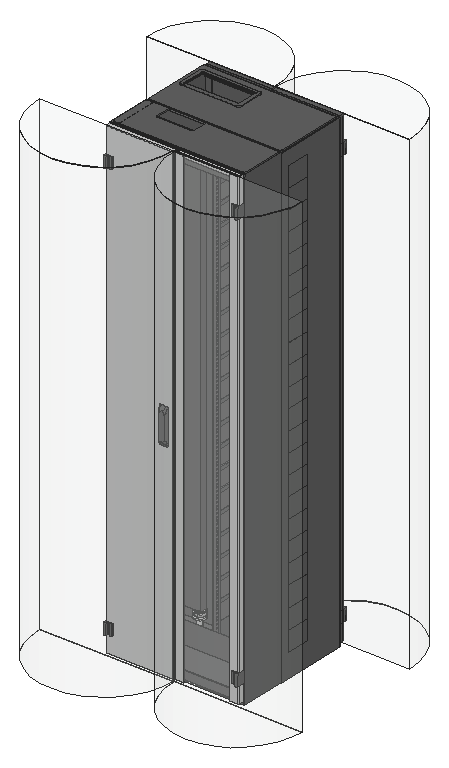
Revit family "Data_Device-Network-Leviton-Distribution_Frame-HDX_F3168", category Data Devices, host Face, Revit 2026
Family settings
  Host = Face
  Round Connector Dimension = Use Diameter
  Part Type = Normal
  Classification Number = 23.85.50.17
  Cut with Voids When Loaded = No
  Maintain Annotation Orientation = Yes
  Shared = Yes
  Room Calculation Point = No
Parameters (values of type "F3168-22F")
  z Door Kit Visible [instance] = Optional Door Kit  # yes
  z Connector Detail Visible [instance] = not(z Door Kit Visible)  # no
  z Collapse [instance] = not(Optional Door Kit)  # no
  Width [instance] = 23.95"  # constant formula
  Weight = 0.00 lbf
  URL = "http://www.leviton.com/networksolutions"
  UPC Code [instance] = "078477660799"
  Type Comments = ""
  Technical Support Phone Number = "1-800-824-3005"  # constant formula
  Serial Number [instance] = ""
  Provide Feedback = "http://www.leviton.com/BIMfeedback"
  Product Documentation Link = "http://www.leviton.com/HDF3168"
  Product Configurator Link = "http://pct.leviton.com/ProdConfig/Prodconfig.aspx?p=53&diagram="
  Port Count [instance] = 0
  Part Number [instance] = "F3168-22F"  # constant formula
  Part Description = Description  # "HDX Fiber Distribution Frame"
  Original Creation Date = "2025"  # constant formula
  Optional Door Kit [instance] = yes
  Model Disclaimer = "http://www.leviton.com/BIMTERMS"
  Model = "F3168-22F"  # constant formula
  Manufacturer = "Leviton"  # constant formula
  Height [instance] = 84.18"  # constant formula
  Fiber Type [instance] = ""
  Family Version = "1.0"  # constant formula
  Equipment Type = ""
  Equipment Abbreviation = "HDX"  # constant formula
  Description = "HDX Fiber Distribution Frame"  # constant formula
  Depth [instance] = 21.57"  # constant formula
  Default Elevation = 0"
  Date Last Modified = "2025"  # constant formula
  Copyright = "Copyright © 2025 Leviton Manufacturing Co., Inc."  # constant formula
  Check for Latest Version = "http://www.leviton.com/BIM"
  Channel Count [instance] = 0
  Assembly Code = "D5030600"
  Annotation Symbol is Visible = yes
Reference planes (in)
  plane 1 "Door Kit Front": y = 6.0725
  plane 2 "Floor": z = 0
  plane 3 "Center (Left/Right)": x = -0.9065
  plane 4 "Door Kit Rear": y = 20.09612
  plane 5 "Frame Rear": y = 19.0725
  plane 6 "Frame Left": x = -12.8815
  plane 7 "Frame Right": x = 11.0685
  plane 8: y = 12.5725
  plane 9: y = 0.3225
  plane 10: z = 84.18
  plane 11 "Cable Manager": y = 6.0127
  plane 12: x = -9.3815
  plane 13: x = -3.6315
  plane 14 "Pivot": y = 6.5127
  plane 15: x = 4.9331
Forms (in)
  Extrusion 1, solid, not visible, detail levels fine
    sketch origin (0, 0, 0) x (1, 0, 0) y (0, 1, 0)
      loop
        line (-34.9315, 46.0725) -> (-34.9315, -16.15111) -> (33.4524, -16.15111) -> (33.4524, 46.0725) -> (-34.9315, 46.0725)
    from 0 to -7.88728
  Extrusion 2, solid, material "Steel - Leviton - Powdercoat - Black"
    sketch origin (0, 0, 84.18) x (-1, 0, 0) y (0, -1, 0)
      loop
        line (12.68012, -19.27644) -> (1.18012, -19.27644) -> (1.18012, -19.95144)
        arc (1.18012, -19.95144) -> (1.21673, -20.03983) -> (1.30512, -20.07644) r 0.125
        line (1.30512, -20.07644) -> (12.55512, -20.07644)
        arc (12.55512, -20.07644) -> (12.64351, -20.03983) -> (12.68012, -19.95144) r 0.125
        line (12.68012, -19.95144) -> (12.68012, -19.27644)
      loop
        line (1.025, -19.29612) -> (-10.875, -19.29612) -> (-10.875, -19.97112)
        arc (-10.875, -19.97112) -> (-10.83838, -20.05951) -> (-10.75, -20.09612) r 0.125
        line (-10.75, -20.09612) -> (0.9, -20.09612)
        arc (0.9, -20.09612) -> (0.98839, -20.05951) -> (1.025, -19.97112) r 0.125
        line (1.025, -19.97112) -> (1.025, -19.29612)
    from -83.69575 to -0.18394
  Extrusion 3, solid, material "Steel - Leviton - Powdercoat - Black"
    sketch origin (0, 0, 0) x (1, 0, 0) y (0, 1, 0)
      loop
        line (9.7685, 19.0725) -> (9.7685, 18.9679) -> (10.9639, 18.9679) -> (10.9639, 6.1771) -> (9.8185, 6.1771) -> (9.8185, 6.0725) -> (10.9535, 6.0725)
        arc (10.9535, 6.0725) -> (11.03482, 6.10618) -> (11.0685, 6.1875) r 0.115
        line (11.0685, 6.1875) -> (11.0685, 18.9575)
        arc (11.0685, 18.9575) -> (11.03482, 19.03882) -> (10.9535, 19.0725) r 0.115
        line (10.9535, 19.0725) -> (9.7685, 19.0725)
      loop
        line (-11.5815, 19.0725) -> (-12.7665, 19.0725)
        arc (-12.7665, 19.0725) -> (-12.84782, 19.03882) -> (-12.8815, 18.9575) r 0.115
        line (-12.8815, 18.9575) -> (-12.8815, 6.1875)
        arc (-12.8815, 6.1875) -> (-12.84782, 6.10618) -> (-12.7665, 6.0725) r 0.115
        line (-12.7665, 6.0725) -> (-11.6315, 6.0725) -> (-11.6315, 6.1771) -> (-12.7769, 6.1771) -> (-12.7769, 12.67387) -> (-1.11482, 12.67387) -> (-1.11482, 6.1875)
        arc (-1.11482, 6.1875) -> (-1.08114, 6.10618) -> (-0.99982, 6.0725) r 0.115
        line (-0.99982, 6.0725) -> (0.0777, 6.0725) -> (0.0777, 6.1771) -> (-1.01022, 6.1771) -> (-1.01022, 12.77887) -> (-12.7769, 12.77887) -> (-12.7769, 18.9679) -> (-11.5815, 18.9679) -> (-11.5815, 19.0725)
    from 0 to 83.8356
  Extrusion 4, void
    sketch origin (-0.9065, 0, 0) x (0, 1, 0) y (0, 0, 1)
      loop
        line (11.5725, 81.24997) -> (7.5725, 81.24997) -> (7.5725, 78.24997) -> (11.5725, 78.24997) -> (11.5725, 81.24997)
      loop
        line (11.5725, 77.74996) -> (7.5725, 77.74996) -> (7.5725, 74.74996) -> (11.5725, 74.74996) -> (11.5725, 77.74996)
      loop
        line (11.5725, 74.24996) -> (7.5725, 74.24996) -> (7.5725, 71.24996) -> (11.5725, 71.24996) -> (11.5725, 74.24996)
      loop
        line (11.5725, 70.74996) -> (7.5725, 70.74996) -> (7.5725, 67.74996) -> (11.5725, 67.74996) -> (11.5725, 70.74996)
      loop
        line (11.5725, 67.24996) -> (7.5725, 67.24996) -> (7.5725, 64.24996) -> (11.5725, 64.24996) -> (11.5725, 67.24996)
      loop
        line (11.5725, 63.74996) -> (7.5725, 63.74996) -> (7.5725, 60.74996) -> (11.5725, 60.74996) -> (11.5725, 63.74996)
      loop
        line (11.5725, 60.24996) -> (7.5725, 60.24996) -> (7.5725, 57.24996) -> (11.5725, 57.24996) -> (11.5725, 60.24996)
      loop
        line (11.5725, 56.74996) -> (7.5725, 56.74996) -> (7.5725, 53.74996) -> (11.5725, 53.74996) -> (11.5725, 56.74996)
      loop
        line (11.5725, 53.24996) -> (7.5725, 53.24996) -> (7.5725, 50.24996) -> (11.5725, 50.24996) -> (11.5725, 53.24996)
      loop
        line (11.5725, 49.74996) -> (7.5725, 49.74996) -> (7.5725, 46.74996) -> (11.5725, 46.74996) -> (11.5725, 49.74996)
      loop
        line (11.5725, 46.24996) -> (7.5725, 46.24996) -> (7.5725, 43.24996) -> (11.5725, 43.24996) -> (11.5725, 46.24996)
      loop
        line (11.5725, 42.74996) -> (7.5725, 42.74996) -> (7.5725, 39.74996) -> (11.5725, 39.74996) -> (11.5725, 42.74996)
      loop
        line (11.5725, 39.24996) -> (7.5725, 39.24996) -> (7.5725, 36.24996) -> (11.5725, 36.24996) -> (11.5725, 39.24996)
      loop
        line (11.5725, 35.74996) -> (7.5725, 35.74996) -> (7.5725, 32.74996) -> (11.5725, 32.74996) -> (11.5725, 35.74996)
      loop
        line (11.5725, 32.24996) -> (7.5725, 32.24996) -> (7.5725, 29.24996) -> (11.5725, 29.24996) -> (11.5725, 32.24996)
      loop
        line (11.5725, 28.74996) -> (7.5725, 28.74996) -> (7.5725, 25.74996) -> (11.5725, 25.74996) -> (11.5725, 28.74996)
      loop
        line (11.5725, 25.24996) -> (7.5725, 25.24996) -> (7.5725, 22.24996) -> (11.5725, 22.24996) -> (11.5725, 25.24996)
      loop
        line (11.5725, 21.74996) -> (7.5725, 21.74996) -> (7.5725, 18.74996) -> (11.5725, 18.74996) -> (11.5725, 21.74996)
      loop
        line (11.5725, 18.24996) -> (7.5725, 18.24996) -> (7.5725, 15.24996) -> (11.5725, 15.24996) -> (11.5725, 18.24996)
      loop
        line (11.5725, 14.74996) -> (7.5725, 14.74996) -> (7.5725, 11.74996) -> (11.5725, 11.74996) -> (11.5725, 14.74996)
      loop
        line (11.5725, 11.24996) -> (7.5725, 11.24996) -> (7.5725, 8.24996) -> (11.5725, 8.24996) -> (11.5725, 11.24996)
      loop
        line (11.5725, 7.74996) -> (7.5725, 7.74996) -> (7.5725, 4.74996) -> (11.5725, 4.74996) -> (11.5725, 7.74996)
    from -11.975 to 11.975
  Extrusion 5, solid, material "Steel - Leviton - Powdercoat - Black"
    sketch origin (-0.9065, 0, 0) x (0, 1, 0) y (0, 0, 1)
      loop
        line (5.90811, 83.7781) -> (5.90811, 82.27781) -> (6.0725, 82.27781) -> (6.0725, 83.8356) -> (18.8035, 83.8356) -> (18.8035, 82.27781) -> (18.96806, 82.27781) -> (18.96806, 83.80564)
        arc (18.96806, 83.80564) -> (18.91115, 83.94304) -> (18.77374, 83.99996) r 0.19432
        line (18.77374, 83.99996) -> (6.12997, 83.99996)
        arc (6.12997, 83.99996) -> (5.97309, 83.93498) -> (5.90811, 83.7781) r 0.22186
    from -11.727 to 11.71931
  Extrusion 6, solid, material "Steel - Leviton - Powdercoat - Black"
    sketch origin (-0.9065, 0, 0) x (0, 1, 0) y (0, 0, 1)
      loop
        line (0.3225, 0.164) -> (0.3225, 0) -> (6.0725, 0) -> (6.0725, 4.114) -> (5.9085, 4.114) -> (5.9085, 0.164) -> (0.3225, 0.164)
    from -11.725 to 11.725
  Extrusion 7, solid, material "Steel - Leviton - Powdercoat - Black"
    sketch origin (-0.9065, 0, 0) x (0, 1, 0) y (0, 0, 1)
      loop
        line (18.9679, 0) -> (18.9679, 4.114) -> (18.8035, 4.114) -> (18.8035, 0.1644) -> (6.23458, 0.1644) -> (6.23458, 0) -> (18.9679, 0)
    from -11.8704 to 11.8704
  Extrusion 8, void
    sketch origin (0, 0, 84.18) x (-1, 0, 0) y (0, -1, 0)
      loop
        line (1.88457, -16.89998) -> (11.50569, -16.89998) -> (11.50569, -12.87887) -> (1.88457, -12.87887) -> (1.88457, -16.89998)
    from 0 to -1.90219
  Extrusion 9, solid, material "Plastic - Leviton - Black"
    sketch origin (0, 0, 84.18) x (-1, 0, 0) y (0, -1, 0)
      loop
        line (11.50569, -16.89998) -> (11.50569, -12.87887) -> (1.88457, -12.87887) -> (1.88457, -16.89998) -> (11.50569, -16.89998)
      loop
        line (1.89496, -17.45998) -> (11.49496, -17.45998)
        arc (11.49496, -17.45998) -> (11.89851, -17.29293) -> (12.06569, -16.88942) r 0.57056
        line (12.06569, -16.88942) -> (12.06569, -12.88942)
        arc (12.06569, -12.88942) -> (11.8983, -12.48594) -> (11.49484, -12.31882) r 0.57058
        line (11.49484, -12.31882) -> (1.89479, -12.31882)
        arc (1.89479, -12.31882) -> (1.49158, -12.48604) -> (1.3246, -12.88934) r 0.57052
        line (1.3246, -12.88934) -> (1.3246, -16.89473)
        arc (1.3246, -16.89473) -> (1.4935, -17.29468) -> (1.89496, -17.45998) r 0.57056
    from 0 to -0.0754
  Extrusion 10, solid, material "Steel - Leviton - Powdercoat - Black"
    sketch origin (0, 0, 84.18) x (-1, 0, 0) y (0, -1, 0)
      loop
        arc (12.1565, -18.70975) -> (12.51005, -18.56331) -> (12.6565, -18.20975) r 0.5
        line (12.6565, -18.20975) -> (12.6565, -6.71024)
        arc (12.6565, -6.71024) -> (12.51015, -6.35652) -> (12.1565, -6.20998) r 0.5
        line (12.1565, -6.20998) -> (-10.3435, -6.20998)
        arc (-10.3435, -6.20998) -> (-10.69705, -6.35672) -> (-10.8435, -6.71027) r 0.5
        line (-10.8435, -6.71027) -> (-10.8435, -18.21032)
        arc (-10.8435, -18.21032) -> (-10.69694, -18.56365) -> (-10.3435, -18.70998) r 0.5
        line (-10.3435, -18.70998) -> (12.1565, -18.70975)
    from -0.0754 to -0.18
  Extrusion 11, solid, material "Steel - Leviton - Powdercoat - Black"
    sketch origin (0, 0, 84.18) x (-1, 0, 0) y (0, -1, 0)
      loop
        line (12.5315, -6.0127) -> (3.0717, -6.0127) -> (3.0717, -7.0127) -> (3.1767, -7.0127) -> (3.1767, -6.1177) -> (12.5315, -6.1177) -> (12.5315, -6.0127)
    from -77.841 to -3.341
  Extrusion 12, void
    sketch origin (0, 6.0725, 0) x (1, 0, 0) y (0, 0, 1)
      loop
        line (-11.28024, 79.84379) -> (-11.28024, 80.839) -> (-12.5315, 80.839) -> (-12.5315, 79.34223)
        arc (-12.5315, 79.34223) -> (-12.45828, 79.51901) -> (-12.2815, 79.59223) r 0.25
        line (-12.2815, 79.59223) -> (-11.5318, 79.59223)
        arc (-11.5318, 79.59223) -> (-11.35392, 79.66591) -> (-11.28024, 79.84379) r 0.25156
      loop
        line (-11.53161, 7.589) -> (-12.2815, 7.589)
        arc (-12.2815, 7.589) -> (-12.45828, 7.66222) -> (-12.5315, 7.839) r 0.25
        line (-12.5315, 7.839) -> (-12.5315, 6.339) -> (-11.2815, 6.339) -> (-11.2815, 7.339)
        arc (-11.2815, 7.339) -> (-11.35476, 7.51582) -> (-11.53161, 7.589) r 0.25
    from -0.16208 to 0.0598
  Extrusion 13, solid, material "Steel - Leviton - Powdercoat - Black"
    sketch origin (0, 0, 84.18) x (-1, 0, 0) y (0, -1, 0)
      loop
        line (3.1767, -7.0127) -> (11.28024, -7.0127) -> (11.28024, -6.1177) -> (3.1767, -6.1177) -> (3.1767, -7.0127)
    from -3.341 to -3.446
  Revolve 14, solid, material "Steel - Leviton - Powdercoat - Grey"
    sketch origin (0, 6.5127, 0) x (0, 0, -1) y (1, 0, 0)
      loop
        line (-0.164, -3.6315) -> (-6.339, -3.6315) -> (-6.339, -4.1315) -> (-6.239, -4.1315) -> (-6.239, -4.5815) -> (-6.189, -4.6315) -> (-6.04682, -4.6315)
        arc (-6.04682, -4.6315) -> (-5.76512, -4.56825) -> (-5.5375, -4.39064) r 0.65893
        line (-5.5375, -4.39064) -> (-5.40265, -4.48507) -> (-5.40265, -4.5315)
        arc (-5.40265, -4.5315) -> (-5.37336, -4.60221) -> (-5.30265, -4.6315) r 0.1
        line (-5.30265, -4.6315) -> (-5.114, -4.6315) -> (-5.114, -4.0815) -> (-0.164, -4.0815) -> (-0.164, -3.6315)
      loop
        line (-82.27781, -4.5045) -> (-82.05624, -4.5045) -> (-82.05624, -3.999) -> (-80.839, -3.999) -> (-80.839, -3.6315) -> (-82.27781, -3.6315) -> (-82.27781, -4.5045)
      axis (-0.164, -3.6315) -> (-82.27781, -3.6315)
    angle from 0 to 360
  Extrusion 15, solid, material "Plastic - Leviton - Black"
    sketch origin (0, 0, 84.18) x (-1, 0, 0) y (0, -1, 0)
      loop
        line (11.42028, -20.07644) -> (11.42028, -20.19455) -> (11.49902, -20.27329) -> (11.87894, -20.27329) -> (11.97146, -20.18077) -> (12.22737, -20.18077) -> (12.3376, -20.291) -> (12.3376, -20.50294)
        arc (12.3376, -20.50294) -> (12.59433, -20.68519) -> (12.80414, -20.45045) r 0.23622
        line (12.80414, -20.45045) -> (12.80414, -19.0725) -> (11.43406, -19.0725) -> (11.43406, -19.11187)
        arc (11.43406, -19.11187) -> (11.48018, -19.22323) -> (11.59154, -19.26935) r 0.15748
        line (11.59154, -19.26935) -> (12.68012, -19.26935) -> (12.68012, -19.95144)
        arc (12.68012, -19.95144) -> (12.64351, -20.03983) -> (12.55512, -20.07644) r 0.125
        line (12.55512, -20.07644) -> (11.42028, -20.07644)
      loop
        line (-9.61515, -20.09612) -> (-10.75, -20.09612)
        arc (-10.75, -20.09612) -> (-10.83838, -20.05951) -> (-10.875, -19.97112) r 0.125
        line (-10.875, -19.97112) -> (-10.875, -19.26935) -> (-9.78641, -19.26935)
        arc (-9.78641, -19.26935) -> (-9.67506, -19.22323) -> (-9.62893, -19.11187) r 0.15748
        line (-9.62893, -19.11187) -> (-9.62893, -19.0725) -> (-10.99901, -19.0725) -> (-10.99901, -20.45045)
        arc (-10.99901, -20.45045) -> (-10.7892, -20.68519) -> (-10.53248, -20.50294) r 0.23622
        line (-10.53248, -20.50294) -> (-10.53248, -20.31069) -> (-10.42224, -20.20045) -> (-10.16633, -20.20045) -> (-10.07382, -20.29297) -> (-9.69389, -20.29297) -> (-9.61515, -20.21423) -> (-9.61515, -20.09612)
    from -4.69181 to -6.65638
  Extrusion 16, solid, material "Plastic - Leviton - Black"
    sketch origin (0, 0, 84.18) x (-1, 0, 0) y (0, -1, 0)
      loop
        line (11.42028, -20.07644) -> (11.42028, -20.19455) -> (11.49902, -20.27329) -> (11.87894, -20.27329) -> (11.97146, -20.18077) -> (12.22737, -20.18077) -> (12.3376, -20.291) -> (12.3376, -20.50294)
        arc (12.3376, -20.50294) -> (12.59433, -20.68519) -> (12.80414, -20.45045) r 0.23622
        line (12.80414, -20.45045) -> (12.80414, -19.0725) -> (11.43406, -19.0725) -> (11.43406, -19.11187)
        arc (11.43406, -19.11187) -> (11.48018, -19.22323) -> (11.59154, -19.26935) r 0.15748
        line (11.59154, -19.26935) -> (12.68012, -19.26935) -> (12.68012, -19.95144)
        arc (12.68012, -19.95144) -> (12.64351, -20.03983) -> (12.55512, -20.07644) r 0.125
        line (12.55512, -20.07644) -> (11.42028, -20.07644)
      loop
        line (-9.61515, -20.09612) -> (-10.75, -20.09612)
        arc (-10.75, -20.09612) -> (-10.83838, -20.05951) -> (-10.875, -19.97112) r 0.125
        line (-10.875, -19.97112) -> (-10.875, -19.26935) -> (-9.78641, -19.26935)
        arc (-9.78641, -19.26935) -> (-9.67506, -19.22323) -> (-9.62893, -19.11187) r 0.15748
        line (-9.62893, -19.11187) -> (-9.62893, -19.0725) -> (-10.99901, -19.0725) -> (-10.99901, -20.45045)
        arc (-10.99901, -20.45045) -> (-10.7892, -20.68519) -> (-10.53248, -20.50294) r 0.23622
        line (-10.53248, -20.50294) -> (-10.53248, -20.31069) -> (-10.42224, -20.20045) -> (-10.16633, -20.20045) -> (-10.07382, -20.29297) -> (-9.69389, -20.29297) -> (-9.61515, -20.21423) -> (-9.61515, -20.09612)
    from -78.67606 to -80.64063
  Blend 17, solid, material "Plastic - Leviton - Black"
    base sketch origin (0, 20.09612, 0) x (0, 0, 1) y (1, 0, 0)
      loop
        line (36.94518, 0.01133) -> (43.08662, 0.01133)
        arc (43.08662, 0.01133) -> (43.14231, 0.03439) -> (43.16538, 0.09008) r 0.07875
        line (43.16538, 0.09008) -> (43.16538, 1.34993)
        arc (43.16538, 1.34993) -> (43.14232, 1.4056) -> (43.08665, 1.42866) r 0.07872
        line (43.08665, 1.42866) -> (36.94493, 1.42866)
        arc (36.94493, 1.42866) -> (36.88924, 1.40559) -> (36.86618, 1.34991) r 0.07875
        line (36.86618, 1.34991) -> (36.86618, 0.09033)
        arc (36.86618, 0.09033) -> (36.88931, 0.03447) -> (36.94518, 0.01133) r 0.079
    top sketch origin (0, 20.09612, 0) x (0, 0, 1) y (1, 0, 0)
      loop
        arc (37.9685, 1.23181) -> (37.71072, 1.16215) -> (37.52311, 0.97213) r 0.51181
        arc (37.52311, 0.97213) -> (37.45669, 0.72) -> (37.52311, 0.46786) r 0.51181
        arc (37.52311, 0.46786) -> (37.71072, 0.27784) -> (37.9685, 0.20818) r 0.51181
        line (37.9685, 0.20818) -> (41.98425, 0.20818)
        arc (41.98425, 0.20818) -> (42.24204, 0.27784) -> (42.42965, 0.46786) r 0.51181
        arc (42.42965, 0.46786) -> (42.49606, 0.72) -> (42.42965, 0.97213) r 0.51181
        arc (42.42965, 0.97213) -> (42.24204, 1.16215) -> (41.98425, 1.23181) r 0.51181
        line (41.98425, 1.23181) -> (37.9685, 1.23181)
    from 0 to 0.46457
  Extrusion 18, void
    sketch origin (0, 6.0725, 0) x (1, 0, 0) y (0, 0, 1)
      loop
        circle (10.0685, 80.62484) r 0.0945
      loop
        circle (10.0685, 78.87484) r 0.0945
      loop
        circle (10.0685, 77.12484) r 0.0945
      loop
        circle (10.0685, 75.37484) r 0.0945
      loop
        circle (10.0685, 73.62484) r 0.0945
      loop
        circle (10.0685, 71.87484) r 0.0945
      loop
        circle (10.0685, 70.12484) r 0.0945
      loop
        circle (10.0685, 68.37484) r 0.0945
      loop
        circle (10.0685, 66.62484) r 0.0945
      loop
        circle (10.0685, 64.87484) r 0.0945
      loop
        circle (10.0685, 63.12484) r 0.0945
      loop
        circle (10.0685, 61.37484) r 0.0945
      loop
        circle (10.0685, 59.62484) r 0.0945
      loop
        circle (10.0685, 57.87484) r 0.0945
      loop
        circle (10.0685, 56.12484) r 0.0945
      loop
        circle (10.0685, 54.37484) r 0.0945
      loop
        circle (10.0685, 52.62484) r 0.0945
      loop
        circle (10.0685, 50.87484) r 0.0945
      loop
        circle (10.0685, 49.12484) r 0.0945
      loop
        circle (10.0685, 47.37484) r 0.0945
      loop
        circle (10.0685, 45.62484) r 0.0945
      loop
        circle (10.0685, 43.87484) r 0.0945
      loop
        circle (10.0685, 42.12484) r 0.0945
      loop
        circle (10.0685, 40.37484) r 0.0945
      loop
        circle (10.0685, 38.62484) r 0.0945
      loop
        circle (10.0685, 36.87484) r 0.0945
      loop
        circle (10.0685, 35.12484) r 0.0945
      loop
        circle (10.0685, 33.37484) r 0.0945
      loop
        circle (10.0685, 31.62484) r 0.0945
      loop
        circle (10.0685, 29.87484) r 0.0945
      loop
        circle (10.0685, 28.12484) r 0.0945
      loop
        circle (10.0685, 26.37484) r 0.0945
      loop
        circle (10.0685, 24.62484) r 0.0945
      loop
        circle (10.0685, 22.87484) r 0.0945
      loop
        circle (10.0685, 21.12484) r 0.0945
      loop
        circle (10.0685, 19.37484) r 0.0945
      loop
        circle (10.0685, 17.62484) r 0.0945
      loop
        circle (10.0685, 15.87484) r 0.0945
      loop
        circle (10.0685, 14.12484) r 0.0945
      loop
        circle (10.0685, 12.37484) r 0.0945
      loop
        circle (10.0685, 10.62484) r 0.0945
      loop
        circle (10.0685, 8.87484) r 0.0945
      loop
        circle (10.0685, 7.12484) r 0.0945
      loop
        circle (10.0685, 5.37484) r 0.0945
      loop
        circle (-0.2023, 4.75) r 0.0945
      loop
        circle (-0.2023, 5.375) r 0.0945
      loop
        circle (-0.2023, 6) r 0.0945
      loop
        circle (-0.2023, 6.5) r 0.0945
      loop
        circle (-0.2023, 7.125) r 0.0945
      loop
        circle (-0.2023, 7.75) r 0.0945
      loop
        circle (-0.2023, 8.25) r 0.0945
      loop
        circle (-0.2023, 8.875) r 0.0945
      loop
        circle (-0.2023, 9.5) r 0.0945
      loop
        circle (-0.2023, 10) r 0.0945
      loop
        circle (-0.2023, 10.625) r 0.0945
      loop
        circle (-0.2023, 11.25) r 0.0945
      loop
        circle (-0.2023, 11.75) r 0.0945
      loop
        circle (-0.2023, 12.375) r 0.0945
      loop
        circle (-0.2023, 13) r 0.0945
      loop
        circle (-0.2023, 13.5) r 0.0945
      loop
        circle (-0.2023, 14.125) r 0.0945
      loop
        circle (-0.2023, 14.75) r 0.0945
      loop
        circle (-0.2023, 15.25) r 0.0945
      loop
        circle (-0.2023, 15.875) r 0.0945
      loop
        circle (-0.2023, 16.5) r 0.0945
      loop
        circle (-0.2023, 17) r 0.0945
      loop
        circle (-0.2023, 17.625) r 0.0945
      loop
        circle (-0.2023, 18.25) r 0.0945
      loop
        circle (-0.2023, 18.75) r 0.0945
      loop
        circle (-0.2023, 19.375) r 0.0945
      loop
        circle (-0.2023, 20) r 0.0945
      loop
        circle (-0.2023, 20.5) r 0.0945
      loop
        circle (-0.2023, 21.125) r 0.0945
      loop
        circle (-0.2023, 21.75) r 0.0945
      loop
        circle (-0.2023, 22.25) r 0.0945
      loop
        circle (-0.2023, 22.875) r 0.0945
      loop
        circle (-0.2023, 23.5) r 0.0945
      loop
        circle (-0.2023, 24) r 0.0945
      loop
        circle (-0.2023, 24.625) r 0.0945
      loop
        circle (-0.2023, 25.25) r 0.0945
      loop
        circle (-0.2023, 25.75) r 0.0945
      loop
        circle (-0.2023, 26.375) r 0.0945
      loop
        circle (-0.2023, 27) r 0.0945
      loop
        circle (-0.2023, 27.5) r 0.0945
      loop
        circle (-0.2023, 28.125) r 0.0945
      loop
        circle (-0.2023, 28.75) r 0.0945
      loop
        circle (-0.2023, 29.25) r 0.0945
      loop
        circle (-0.2023, 29.875) r 0.0945
      loop
        circle (-0.2023, 30.5) r 0.0945
      loop
        circle (-0.2023, 31) r 0.0945
      loop
        circle (-0.2023, 31.625) r 0.0945
      loop
        circle (-0.2023, 32.25) r 0.0945
      loop
        circle (-0.2023, 32.75) r 0.0945
      loop
        circle (-0.2023, 33.375) r 0.0945
      loop
        circle (-0.2023, 34) r 0.0945
      loop
        circle (-0.2023, 34.5) r 0.0945
      loop
        circle (-0.2023, 35.125) r 0.0945
      loop
        circle (-0.2023, 35.75) r 0.0945
      loop
        circle (-0.2023, 36.25) r 0.0945
      loop
        circle (-0.2023, 36.875) r 0.0945
      loop
        circle (-0.2023, 37.5) r 0.0945
      loop
        circle (-0.2023, 38) r 0.0945
      loop
        circle (-0.2023, 38.625) r 0.0945
      loop
        circle (-0.2023, 39.25) r 0.0945
      loop
        circle (-0.2023, 39.75) r 0.0945
      loop
        circle (-0.2023, 40.375) r 0.0945
      loop
        circle (-0.2023, 41) r 0.0945
      loop
        circle (-0.2023, 41.5) r 0.0945
      loop
        circle (-0.2023, 42.125) r 0.0945
      loop
        circle (-0.2023, 42.75) r 0.0945
      loop
        circle (-0.2023, 43.25) r 0.0945
      loop
        circle (-0.2023, 43.875) r 0.0945
      loop
        circle (-0.2023, 44.5) r 0.0945
      loop
        circle (-0.2023, 45) r 0.0945
      loop
        circle (-0.2023, 45.625) r 0.0945
      loop
        circle (-0.2023, 46.25) r 0.0945
      loop
        circle (-0.2023, 46.75) r 0.0945
      loop
        circle (-0.2023, 47.375) r 0.0945
      loop
        circle (-0.2023, 48) r 0.0945
      loop
        circle (-0.2023, 48.5) r 0.0945
      loop
        circle (-0.2023, 49.125) r 0.0945
      loop
        circle (-0.2023, 49.75) r 0.0945
      loop
        circle (-0.2023, 50.25) r 0.0945
      loop
        circle (-0.2023, 50.875) r 0.0945
      loop
        circle (-0.2023, 51.5) r 0.0945
      loop
        circle (-0.2023, 52) r 0.0945
      loop
        circle (-0.2023, 52.625) r 0.0945
      loop
        circle (-0.2023, 53.25) r 0.0945
      loop
        circle (-0.2023, 53.75) r 0.0945
      loop
        circle (-0.2023, 54.375) r 0.0945
      loop
        circle (-0.2023, 55) r 0.0945
      loop
        circle (-0.2023, 55.5) r 0.0945
      loop
        circle (-0.2023, 56.125) r 0.0945
      loop
        circle (-0.2023, 56.75) r 0.0945
      loop
        circle (-0.2023, 57.25) r 0.0945
      loop
        circle (-0.2023, 57.875) r 0.0945
      loop
        circle (-0.2023, 58.5) r 0.0945
      loop
        circle (-0.2023, 59) r 0.0945
      loop
        circle (-0.2023, 59.625) r 0.0945
      loop
        circle (-0.2023, 60.25) r 0.0945
      loop
        circle (-0.2023, 60.75) r 0.0945
      loop
        circle (-0.2023, 61.375) r 0.0945
      loop
        circle (-0.2023, 62) r 0.0945
      loop
        circle (-0.2023, 62.5) r 0.0945
      loop
        circle (-0.2023, 63.125) r 0.0945
      loop
        circle (-0.2023, 63.75) r 0.0945
      loop
        circle (-0.2023, 64.25) r 0.0945
      loop
        circle (-0.2023, 64.875) r 0.0945
      loop
        circle (-0.2023, 65.5) r 0.0945
      loop
        circle (-0.2023, 66) r 0.0945
      loop
        circle (-0.2023, 66.625) r 0.0945
      loop
        circle (-0.2023, 67.25) r 0.0945
      loop
        circle (-0.2023, 67.75) r 0.0945
      loop
        circle (-0.2023, 68.375) r 0.0945
      loop
        circle (-0.2023, 69) r 0.0945
      loop
        circle (-0.2023, 69.5) r 0.0945
      loop
        circle (-0.2023, 70.125) r 0.0945
      loop
        circle (-0.2023, 70.75) r 0.0945
      loop
        circle (-0.2023, 71.25) r 0.0945
      loop
        circle (-0.2023, 71.875) r 0.0945
      loop
        circle (-0.2023, 72.5) r 0.0945
      loop
        circle (-0.2023, 73) r 0.0945
      loop
        circle (-0.2023, 73.625) r 0.0945
      loop
        circle (-0.2023, 74.25) r 0.0945
      loop
        circle (-0.2023, 74.75) r 0.0945
      loop
        circle (-0.2023, 75.375) r 0.0945
      loop
        circle (-0.2023, 76) r 0.0945
      loop
        circle (-0.2023, 76.5) r 0.0945
      loop
        circle (-0.2023, 77.125) r 0.0945
      loop
        circle (-0.2023, 77.75) r 0.0945
      loop
        circle (-0.2023, 78.25) r 0.0945
      loop
        circle (-0.2023, 78.875) r 0.0945
      loop
        circle (-0.2023, 79.5) r 0.0945
      loop
        circle (-0.2023, 80) r 0.0945
      loop
        circle (-0.2023, 80.625) r 0.0945
      loop
        circle (-0.2023, 81.25) r 0.0945
    from -0.4402 to 0.0598
  Extrusion 19, solid, material "Clearance Areas - Leviton"
    sketch origin (0, 0, 0) x (1, 0, 0) y (0, 1, 0)
      loop
        arc (-1.17949, 20.09612) -> (-12.56792, 31.84439) -> (-23.95634, 20.09612) r 11.39394
        line (-23.95634, 20.09612) -> (-1.17949, 20.09612)
      loop
        arc (22.55059, 20.09612) -> (10.76279, 32.24357) -> (-1.025, 20.09612) r 11.79312
        line (-1.025, 20.09612) -> (22.55059, 20.09612)
    from 0 to 83.99459
  Extrusion 20, solid, material "Steel - Leviton - Powdercoat - Grey"
    sketch origin (0, 6.0725, 0) x (1, 0, 0) y (0, 0, 1)
      loop
        line (8.22649, 82.51057) -> (8.40583, 82.51057) -> (8.40583, 82.94278) -> (8.51877, 82.94278) -> (8.68825, 82.71292) -> (8.68825, 82.94278) -> (8.7841, 82.94278) -> (8.78406, 83.42538) -> (7.90523, 83.42538) -> (7.90506, 82.832)
        arc (7.90506, 82.832) -> (8.27352, 82.87903) -> (8.22649, 82.51057) r 0.23482
      loop
        line (8.10754, 82.47812) -> (8.8165, 82.47812) -> (8.8165, 83.45783) -> (7.87274, 83.45783) -> (7.87274, 82.94278) -> (7.51815, 82.94278) -> (7.51815, 82.82072) -> (7.63171, 82.82072) -> (7.63171, 82.48537) -> (7.76112, 82.48537) -> (7.76112, 82.82072) -> (7.87274, 82.82072) -> (7.87274, 82.71292)
        arc (7.87274, 82.71292) -> (7.94151, 82.54689) -> (8.10754, 82.47812) r 0.2348
      loop
        line (8.53408, 82.51057) -> (8.68595, 82.51057) -> (8.53408, 82.71654) -> (8.53408, 82.51057)
      loop
        line (7.30874, 82.94278) -> (7.30874, 82.48537) -> (7.43816, 82.48537) -> (7.43816, 82.94278) -> (7.30874, 82.94278)
      loop
        line (6.92225, 82.94278) -> (6.77997, 82.94278) -> (6.96484, 82.4824) -> (7.07148, 82.4824) -> (7.25635, 82.94278) -> (7.1165, 82.94278) -> (7.01938, 82.68116) -> (6.92225, 82.94278)
      loop
        line (6.73518, 82.60462) -> (6.52132, 82.60462) -> (6.52132, 82.66773) -> (6.67631, 82.66773) -> (6.67631, 82.76352) -> (6.52132, 82.76352) -> (6.52132, 82.82371) -> (6.7322, 82.82371) -> (6.7322, 82.94278) -> (6.39247, 82.94278) -> (6.39247, 82.48537) -> (6.73518, 82.48537) -> (6.73518, 82.60462)
      loop
        line (6.01255, 82.48537) -> (6.32291, 82.48537) -> (6.32291, 82.60649) -> (6.14205, 82.60649) -> (6.14205, 82.94278) -> (6.01255, 82.94278) -> (6.01255, 82.48537)
      loop
        circle (8.10748, 82.71299) r 0.11253
    from 0.16439 to 0.19564
  Extrusion 21, solid, material "Steel - Leviton - Powdercoat - Black"
    sketch origin (-12.8815, 0, 0) x (0, 0, -1) y (0, -1, 0)
      loop
        line (-77.86792, -11.52032) -> (-77.86792, -7.5725) -> (-81.35793, -7.5725) -> (-81.35793, -11.52032) -> (-77.86792, -11.52032)
      loop
        line (-74.3678, -11.52032) -> (-74.3678, -7.5725) -> (-77.85781, -7.5725) -> (-77.85781, -11.52032) -> (-74.3678, -11.52032)
      loop
        line (-67.36749, -11.52032) -> (-67.36749, -7.5725) -> (-70.85749, -7.5725) -> (-70.85749, -11.52032) -> (-67.36749, -11.52032)
      loop
        line (-70.8676, -11.52032) -> (-70.8676, -7.5725) -> (-74.35761, -7.5725) -> (-74.35761, -11.52032) -> (-70.8676, -11.52032)
      loop
        line (-63.8676, -11.52032) -> (-63.8676, -7.5725) -> (-67.35761, -7.5725) -> (-67.35761, -11.52032) -> (-63.8676, -11.52032)
      loop
        line (-60.36749, -11.52032) -> (-60.36749, -7.5725) -> (-63.85749, -7.5725) -> (-63.85749, -11.52032) -> (-60.36749, -11.52032)
      loop
        line (-53.36717, -11.52032) -> (-53.36717, -7.5725) -> (-56.85717, -7.5725) -> (-56.85717, -11.52032) -> (-53.36717, -11.52032)
      loop
        line (-56.86729, -11.52032) -> (-56.86729, -7.5725) -> (-60.35729, -7.5725) -> (-60.35729, -11.52032) -> (-56.86729, -11.52032)
      loop
        line (-49.86761, -11.52032) -> (-49.86761, -7.5725) -> (-53.35761, -7.5725) -> (-53.35761, -11.52032) -> (-49.86761, -11.52032)
      loop
        line (-46.36749, -11.52032) -> (-46.36749, -7.5725) -> (-49.85749, -7.5725) -> (-49.85749, -11.52032) -> (-46.36749, -11.52032)
      loop
        line (-39.36717, -11.52032) -> (-39.36717, -7.5725) -> (-42.85717, -7.5725) -> (-42.85717, -11.52032) -> (-39.36717, -11.52032)
      loop
        line (-42.86729, -11.52032) -> (-42.86729, -7.5725) -> (-46.35729, -7.5725) -> (-46.35729, -11.52032) -> (-42.86729, -11.52032)
      loop
        line (-35.86729, -11.52032) -> (-35.86729, -7.5725) -> (-39.35729, -7.5725) -> (-39.35729, -11.52032) -> (-35.86729, -11.52032)
      loop
        line (-32.36717, -11.52032) -> (-32.36717, -7.5725) -> (-35.85717, -7.5725) -> (-35.85717, -11.52032) -> (-32.36717, -11.52032)
      loop
        line (-25.36685, -11.52032) -> (-25.36685, -7.5725) -> (-28.85686, -7.5725) -> (-28.85686, -11.52032) -> (-25.36685, -11.52032)
      loop
        line (-28.86697, -11.52032) -> (-28.86697, -7.5725) -> (-32.35698, -7.5725) -> (-32.35698, -11.52032) -> (-28.86697, -11.52032)
      loop
        line (-21.8676, -11.52032) -> (-21.8676, -7.5725) -> (-25.35761, -7.5725) -> (-25.35761, -11.52032) -> (-21.8676, -11.52032)
      loop
        line (-18.36749, -11.52032) -> (-18.36749, -7.5725) -> (-21.85749, -7.5725) -> (-21.85749, -11.52032) -> (-18.36749, -11.52032)
      loop
        line (-11.36717, -11.52032) -> (-11.36717, -7.5725) -> (-14.85717, -7.5725) -> (-14.85717, -11.52032) -> (-11.36717, -11.52032)
      loop
        line (-14.86729, -11.52032) -> (-14.86729, -7.5725) -> (-18.35729, -7.5725) -> (-18.35729, -11.52032) -> (-14.86729, -11.52032)
      loop
        line (-7.86729, -11.52032) -> (-7.86729, -7.5725) -> (-11.35729, -7.5725) -> (-11.35729, -11.52032) -> (-7.86729, -11.52032)
      loop
        line (-4.36717, -11.52032) -> (-4.36717, -7.5725) -> (-7.85717, -7.5725) -> (-7.85717, -11.52032) -> (-4.36717, -11.52032)
    from 0 to 0.125
  Extrusion 22, solid, material "Steel - Leviton - Powdercoat - Black"
    sketch origin (11.0685, 0, 0) x (0, 0, -1) y (0, 1, 0)
      loop
        line (-77.86792, 11.52032) -> (-81.35793, 11.52032) -> (-81.35793, 7.5725) -> (-77.86792, 7.5725) -> (-77.86792, 11.52032)
      loop
        line (-74.3678, 11.52032) -> (-77.85781, 11.52032) -> (-77.85781, 7.5725) -> (-74.3678, 7.5725) -> (-74.3678, 11.52032)
      loop
        line (-67.36749, 11.52032) -> (-70.85749, 11.52032) -> (-70.85749, 7.5725) -> (-67.36749, 7.5725) -> (-67.36749, 11.52032)
      loop
        line (-70.8676, 11.52032) -> (-74.35761, 11.52032) -> (-74.35761, 7.5725) -> (-70.8676, 7.5725) -> (-70.8676, 11.52032)
      loop
        line (-63.8676, 11.52032) -> (-67.35761, 11.52032) -> (-67.35761, 7.5725) -> (-63.8676, 7.5725) -> (-63.8676, 11.52032)
      loop
        line (-60.36749, 11.52032) -> (-63.85749, 11.52032) -> (-63.85749, 7.5725) -> (-60.36749, 7.5725) -> (-60.36749, 11.52032)
      loop
        line (-53.36717, 11.52032) -> (-56.85717, 11.52032) -> (-56.85717, 7.5725) -> (-53.36717, 7.5725) -> (-53.36717, 11.52032)
      loop
        line (-56.86729, 11.52032) -> (-60.35729, 11.52032) -> (-60.35729, 7.5725) -> (-56.86729, 7.5725) -> (-56.86729, 11.52032)
      loop
        line (-49.86761, 11.52032) -> (-53.35761, 11.52032) -> (-53.35761, 7.5725) -> (-49.86761, 7.5725) -> (-49.86761, 11.52032)
      loop
        line (-46.36749, 11.52032) -> (-49.85749, 11.52032) -> (-49.85749, 7.5725) -> (-46.36749, 7.5725) -> (-46.36749, 11.52032)
      loop
        line (-39.36717, 11.52032) -> (-42.85717, 11.52032) -> (-42.85717, 7.5725) -> (-39.36717, 7.5725) -> (-39.36717, 11.52032)
      loop
        line (-42.86729, 11.52032) -> (-46.35729, 11.52032) -> (-46.35729, 7.5725) -> (-42.86729, 7.5725) -> (-42.86729, 11.52032)
      loop
        line (-35.86729, 11.52032) -> (-39.35729, 11.52032) -> (-39.35729, 7.5725) -> (-35.86729, 7.5725) -> (-35.86729, 11.52032)
      loop
        line (-32.36717, 11.52032) -> (-35.85717, 11.52032) -> (-35.85717, 7.5725) -> (-32.36717, 7.5725) -> (-32.36717, 11.52032)
      loop
        line (-25.36685, 11.52032) -> (-28.85686, 11.52032) -> (-28.85686, 7.5725) -> (-25.36685, 7.5725) -> (-25.36685, 11.52032)
      loop
        line (-28.86697, 11.52032) -> (-32.35698, 11.52032) -> (-32.35698, 7.5725) -> (-28.86697, 7.5725) -> (-28.86697, 11.52032)
      loop
        line (-21.8676, 11.52032) -> (-25.35761, 11.52032) -> (-25.35761, 7.5725) -> (-21.8676, 7.5725) -> (-21.8676, 11.52032)
      loop
        line (-18.36749, 11.52032) -> (-21.85749, 11.52032) -> (-21.85749, 7.5725) -> (-18.36749, 7.5725) -> (-18.36749, 11.52032)
      loop
        line (-11.36717, 11.52032) -> (-14.85717, 11.52032) -> (-14.85717, 7.5725) -> (-11.36717, 7.5725) -> (-11.36717, 11.52032)
      loop
        line (-14.86729, 11.52032) -> (-18.35729, 11.52032) -> (-18.35729, 7.5725) -> (-14.86729, 7.5725) -> (-14.86729, 11.52032)
      loop
        line (-7.86729, 11.52032) -> (-11.35729, 11.52032) -> (-11.35729, 7.5725) -> (-7.86729, 7.5725) -> (-7.86729, 11.52032)
      loop
        line (-4.36717, 11.52032) -> (-7.85717, 11.52032) -> (-7.85717, 7.5725) -> (-4.36717, 7.5725) -> (-4.36717, 11.52032)
    from 0 to 0.125
Cuts and joins
  Extrusion 4, Extrusion 18 cuts Extrusion 3
  Extrusion 8 cuts Extrusion 5
  Extrusion 8 cuts Extrusion 10
  Extrusion 12 cuts Extrusion 11
  joined: Extrusion 11, Extrusion 13
Lines and regions (in)
  reference lines
    curve 1: line (11.0685, 6.0725, 79.74984) -> (-1.11482, 6.0725, 79.74984)
    curve 10: line (11.0685, 6.0725, 76.24984) -> (-1.11482, 6.0725, 76.24984)
    curve 11: line (11.0685, 6.0725, 72.74984) -> (-1.11482, 6.0725, 72.74984)
    curve 12: line (11.0685, 6.0725, 69.24984) -> (-1.11482, 6.0725, 69.24984)
    curve 13: line (11.0685, 6.0725, 65.74984) -> (-1.11482, 6.0725, 65.74984)
    curve 14: line (11.0685, 6.0725, 62.24984) -> (-1.11482, 6.0725, 62.24984)
    curve 15: line (11.0685, 6.0725, 58.74984) -> (-1.11482, 6.0725, 58.74984)
    curve 16: line (11.0685, 6.0725, 55.24984) -> (-1.11482, 6.0725, 55.24984)
    curve 17: line (11.0685, 6.0725, 51.74984) -> (-1.11482, 6.0725, 51.74984)
    curve 18: line (11.0685, 6.0725, 48.24984) -> (-1.11482, 6.0725, 48.24984)
    curve 19: line (11.0685, 6.0725, 44.74984) -> (-1.11482, 6.0725, 44.74984)
    curve 20: line (11.0685, 6.0725, 41.24984) -> (-1.11482, 6.0725, 41.24984)
    curve 21: line (11.0685, 6.0725, 37.74984) -> (-1.11482, 6.0725, 37.74984)
    curve 22: line (11.0685, 6.0725, 34.24984) -> (-1.11482, 6.0725, 34.24984)
    curve 23: line (11.0685, 6.0725, 30.74984) -> (-1.11482, 6.0725, 30.74984)
    curve 24: line (11.0685, 6.0725, 27.24984) -> (-1.11482, 6.0725, 27.24984)
    curve 25: line (11.0685, 6.0725, 23.74984) -> (-1.11482, 6.0725, 23.74984)
    curve 26: line (11.0685, 6.0725, 20.24984) -> (-1.11482, 6.0725, 20.24984)
    curve 27: line (11.0685, 6.0725, 16.74984) -> (-1.11482, 6.0725, 16.74984)
    curve 28: line (11.0685, 6.0725, 13.24984) -> (-1.11482, 6.0725, 13.24984)
    curve 29: line (11.0685, 6.0725, 9.74984) -> (-1.11482, 6.0725, 9.74984)
    curve 30: line (11.0685, 6.0725, 6.24984) -> (-1.11482, 6.0725, 6.24984)
  symbolic lines, style "Clearance Areas"
    curve 2: arc (-1.17949, 20.09612, 0) -> (-12.56792, 31.84439, 0) -> (-23.95634, 20.09612, 0) r 11.39394
    curve 3: line (-23.95634, 20.09612, 0) -> (-1.17949, 20.09612, 0)
    curve 4: arc (22.55059, 20.09612, 0) -> (10.76279, 32.24357, 0) -> (-1.025, 20.09612, 0) r 11.79312
    curve 5: line (-1.025, 20.09612, 0) -> (22.55059, 20.09612, 0)
    curve 6: line (-0.9065, 20.09612, 83.99459) -> (-0.9065, 32.24357, 83.99459)
    curve 7: line (-0.9065, 20.09612, 0) -> (-0.9065, 20.09612, 83.99459)
    curve 8: line (-0.9065, 32.24357, 0) -> (-0.9065, 20.09612, 0)
    curve 9: line (-0.9065, 32.24357, 83.99459) -> (-0.9065, 32.24357, 0)
Dimensions and locks (in)
  equal spacing: plane 6 "Frame Left", plane 3 "Center (Left/Right)", plane 7 "Frame Right"
  "Width": plane 6 "Frame Left" to plane 7 "Frame Right"
  locked: plane 4 "Door Kit Rear" to plane 5 "Frame Rear" at 1.02362
  locked: plane 5 "Frame Rear" to plane 1 "Door Kit Front" at 13
  equal spacing: plane 5 "Frame Rear", plane 8, plane 1 "Door Kit Front"
  plane 9 to plane 5 "Frame Rear" = 18.75"
  level to plane 10 = 84.18"
  locked: plane 5 "Frame Rear" to plane 9 at 18.75
  plane 1 "Door Kit Front" to cut or joined group of Extrusion 3, Extrusion 4, Extrusion 18 = 6.70637"
  aligned and locked: Extrusion 1 to plane 2 "Floor"
  aligned and locked: Extrusion 1 to level
  aligned and locked: plane 6 "Frame Left" to Extrusion 4
  aligned and locked: plane 7 "Frame Right" to Extrusion 4
  aligned and locked: plane 12 to nested 9
  aligned and locked: plane 12 to nested 8
  aligned and locked: plane 12 to nested 7
  aligned and locked: plane 12 to nested 6
  aligned and locked: plane 12 to nested 5
  aligned and locked: plane 12 to nested 4
  aligned and locked: plane 12 to nested 3
  aligned and locked: plane 12 to nested 2
  aligned and locked: plane 12 to nested 1
  aligned and locked: nested 10 to plane 1 "Door Kit Front"
  aligned and locked: Extrusion 18 to plane 14 "Pivot"
  aligned and locked: cut or joined group of Extrusion 5, Extrusion 8 to Extrusion 20
Automatic sketch dimensions
  curve 8 to level = 0"
  curve 8 to plane 4 "Door Kit Rear" = 0"
  curve 7 to curve 8 = 12.14745"
  plane 10 to curve 7 = 0.18541"
  Extrusion 1 sketch curve to Extrusion 1 sketch curve = 68.3839"
  Extrusion 1 sketch curve to Extrusion 1 sketch curve = 62.22361"
  curve 20 to plane 7 "Frame Right" = 0"
  curve 18 to plane 7 "Frame Right" = 0"
  curve 21 to plane 7 "Frame Right" = 0"
  curve 17 to plane 7 "Frame Right" = 0"
  curve 22 to plane 7 "Frame Right" = 0"
  curve 16 to plane 7 "Frame Right" = 0"
  curve 23 to plane 7 "Frame Right" = 0"
  curve 15 to plane 7 "Frame Right" = 0"
  curve 24 to plane 7 "Frame Right" = 0"
  curve 14 to plane 7 "Frame Right" = 0"
  curve 25 to plane 7 "Frame Right" = 0"
  curve 13 to plane 7 "Frame Right" = 0"
  curve 26 to plane 7 "Frame Right" = 0"
  curve 12 to plane 7 "Frame Right" = 0"
  curve 27 to plane 7 "Frame Right" = 0"
  curve 11 to plane 7 "Frame Right" = 0"
  curve 28 to plane 7 "Frame Right" = 0"
  curve 10 to plane 7 "Frame Right" = 0"
  curve 29 to plane 7 "Frame Right" = 0"
  curve 19 to plane 7 "Frame Right" = 0"
  curve 30 to plane 7 "Frame Right" = 0"
  curve 1 to plane 7 "Frame Right" = 0"
  level to curve 30 = 6.24984"
  curve 29 to plane 3 "Center (Left/Right)" = 0.20832"
  curve 19 to plane 3 "Center (Left/Right)" = 0.20832"
  curve 18 to plane 3 "Center (Left/Right)" = 0.20832"
  curve 20 to plane 3 "Center (Left/Right)" = 0.20832"
  curve 17 to plane 3 "Center (Left/Right)" = 0.20832"
  curve 21 to plane 3 "Center (Left/Right)" = 0.20832"
  curve 16 to plane 3 "Center (Left/Right)" = 0.20832"
  curve 22 to plane 3 "Center (Left/Right)" = 0.20832"
  curve 15 to plane 3 "Center (Left/Right)" = 0.20832"
  curve 23 to plane 3 "Center (Left/Right)" = 0.20832"
  curve 14 to plane 3 "Center (Left/Right)" = 0.20832"
  curve 24 to plane 3 "Center (Left/Right)" = 0.20832"
  curve 13 to plane 3 "Center (Left/Right)" = 0.20832"
  curve 25 to plane 3 "Center (Left/Right)" = 0.20832"
  curve 12 to plane 3 "Center (Left/Right)" = 0.20832"
  curve 26 to plane 3 "Center (Left/Right)" = 0.20832"
  curve 11 to plane 3 "Center (Left/Right)" = 0.20832"
  curve 27 to plane 3 "Center (Left/Right)" = 0.20832"
  curve 10 to plane 3 "Center (Left/Right)" = 0.20832"
  curve 28 to plane 3 "Center (Left/Right)" = 0.20832"
  curve 1 to plane 3 "Center (Left/Right)" = 0.20832"
  curve 30 to plane 3 "Center (Left/Right)" = 0.20832"
  curve 30 to curve 29 = 3.5"
  curve 29 to curve 28 = 3.5"
  curve 28 to curve 27 = 3.5"
  curve 27 to curve 26 = 3.5"
  curve 26 to curve 25 = 3.5"
  curve 25 to curve 24 = 3.5"
  curve 24 to curve 23 = 3.5"
  curve 23 to curve 22 = 3.5"
  curve 22 to curve 21 = 3.5"
  curve 21 to curve 20 = 3.5"
  curve 20 to curve 19 = 3.5"
  curve 19 to curve 18 = 3.5"
  curve 18 to curve 17 = 3.5"
  curve 17 to curve 16 = 3.5"
  curve 16 to curve 15 = 3.5"
  curve 15 to curve 14 = 3.5"
  curve 14 to curve 13 = 3.5"
  curve 13 to curve 12 = 3.5"
  curve 12 to curve 11 = 3.5"
  curve 11 to curve 10 = 3.5"
  curve 10 to curve 1 = 3.5"
  Extrusion 2 sketch curve to plane 4 "Door Kit Rear" = 0"
  Extrusion 2 sketch curve to plane 7 "Frame Right" = 0.1935"
  Extrusion 2 sketch curve to Extrusion 2 sketch curve = 0.125"  (x3)
  plane 3 "Center (Left/Right)" to Extrusion 2 sketch curve = 0.0065"
  Extrusion 2 sketch curve to plane 3 "Center (Left/Right)" = 0.1185"
  Extrusion 2 sketch curve to Extrusion 2 sketch curve = 0.15512"
  Extrusion 2 sketch curve to plane 4 "Door Kit Rear" = 0.01968"
  Extrusion 2 sketch curve to plane 6 "Frame Left" = 0.32638"
  plane 5 "Frame Rear" to Extrusion 2 sketch curve = 0.22362"
  Extrusion 2 sketch curve to Extrusion 2 sketch curve = 0.01968"
  Extrusion 3 sketch curve to plane 5 "Frame Rear" = 0"  (x2)
  plane 1 "Door Kit Front" to Extrusion 3 sketch curve = 0"  (x3)
  plane 6 "Frame Left" to Extrusion 3 sketch curve = 0"
  Extrusion 3 sketch curve to plane 6 "Frame Left" = 0.1046"  (x2)
  Extrusion 3 sketch curve to Extrusion 3 sketch curve = 0.0104"  (x5)
  Extrusion 3 sketch curve to plane 1 "Door Kit Front" = 0.1046"  (x3)
  Extrusion 3 sketch curve to Extrusion 3 sketch curve = 1.135"
  Extrusion 3 sketch curve to Extrusion 3 sketch curve = 1.185"
  plane 8 to Extrusion 3 sketch curve = 0.10137"
  Extrusion 3 sketch curve to plane 3 "Center (Left/Right)" = 0.20832"
  Extrusion 3 sketch curve to plane 3 "Center (Left/Right)" = 0.10372"
  plane 3 "Center (Left/Right)" to Extrusion 3 sketch curve = 0.9842"
  Extrusion 3 sketch curve to plane 7 "Frame Right" = 1.3"
  Extrusion 3 sketch curve to plane 7 "Frame Right" = 1.25"
  Extrusion 3 sketch curve to plane 7 "Frame Right" = 0.115"  (x2)
  plane 7 "Frame Right" to Extrusion 3 sketch curve = 0"
  Extrusion 3 sketch curve to Extrusion 3 sketch curve = 0.105"
  Extrusion 3 sketch curve to plane 5 "Frame Rear" = 0.1046"
  Extrusion 4 sketch curve to plane 14 "Pivot" = 1.0598"  (x12)
  Extrusion 4 sketch curve to Extrusion 4 sketch curve = 0"  (x21)
  Extrusion 4 sketch curve to plane 8 = 1"  (x11)
  level to Extrusion 4 sketch curve = 4.74996"
  Extrusion 4 sketch curve to Extrusion 4 sketch curve = 3"  (x21)
  Extrusion 4 sketch curve to Extrusion 4 sketch curve = 0.5"  (x21)
  plane 10 to Extrusion 4 sketch curve = 2.93003"
  plane 11 "Cable Manager" to Extrusion 5 sketch curve = 0.10459"
  plane 1 "Door Kit Front" to Extrusion 5 sketch curve = 0"
  Extrusion 5 sketch curve to plane 1 "Door Kit Front" = 0.05747"
  Extrusion 5 sketch curve to plane 5 "Frame Rear" = 0.29876"
  Extrusion 5 sketch curve to plane 5 "Frame Rear" = 0.269"
  Extrusion 5 sketch curve to plane 5 "Frame Rear" = 0.10444"
  plane 10 to Extrusion 5 sketch curve = 1.90219"  (x2)
  plane 10 to Extrusion 5 sketch curve = 0.4019"
  Extrusion 5 sketch curve to Extrusion 5 sketch curve = 0.02996"
  Extrusion 6 sketch curve to level = 0"
  Extrusion 6 sketch curve to plane 9 = 0"
  Extrusion 6 sketch curve to plane 1 "Door Kit Front" = 0"
  plane 11 "Cable Manager" to Extrusion 6 sketch curve = 0.1042"
  level to Extrusion 6 sketch curve = 0.164"
  Extrusion 6 sketch curve to Extrusion 6 sketch curve = 3.95"
  Extrusion 7 sketch curve to level = 0"
  Extrusion 7 sketch curve to plane 1 "Door Kit Front" = 0.16208"
  Extrusion 7 sketch curve to plane 5 "Frame Rear" = 0.269"
  Extrusion 7 sketch curve to plane 5 "Frame Rear" = 0.1046"
  Extrusion 7 sketch curve to Extrusion 7 sketch curve = 0.1644"
  Extrusion 7 sketch curve to Extrusion 7 sketch curve = 3.9496"
  Extrusion 8 sketch curve to plane 3 "Center (Left/Right)" = 0.97807"
  plane 8 to Extrusion 8 sketch curve = 0.30637"
  Extrusion 8 sketch curve to plane 6 "Frame Left" = 1.37581"
  Extrusion 8 sketch curve to plane 5 "Frame Rear" = 2.17252"
  Extrusion 9 sketch curve to plane 3 "Center (Left/Right)" = 0.4181"
  Extrusion 9 sketch curve to Extrusion 9 sketch curve = 0.55998"
  Extrusion 9 sketch curve to plane 8 = 0.25368"
  Extrusion 9 sketch curve to Extrusion 9 sketch curve = 0.01022"
  Extrusion 9 sketch curve to Extrusion 9 sketch curve = 0.01038"
  Extrusion 9 sketch curve to Extrusion 9 sketch curve = 0.01054"
  Extrusion 9 sketch curve to Extrusion 9 sketch curve = 0.01056"  (x2)
  plane 8 to Extrusion 9 sketch curve = 0.3169"
  Extrusion 9 sketch curve to plane 6 "Frame Left" = 1.38666"
  Extrusion 9 sketch curve to plane 6 "Frame Left" = 1.38654"
  Extrusion 9 sketch curve to Extrusion 9 sketch curve = 0.00017"
  Extrusion 9 sketch curve to Extrusion 9 sketch curve = 0.01084"
  Extrusion 9 sketch curve to plane 5 "Frame Rear" = 2.18308"  (x2)
  Extrusion 9 sketch curve to Extrusion 9 sketch curve = 0.0053"
  Extrusion 9 sketch curve to Extrusion 9 sketch curve = 0.01047"
  Extrusion 9 sketch curve to Extrusion 9 sketch curve = 0"  (x2)
  Extrusion 9 sketch curve to Extrusion 9 sketch curve = 0.00002"
  Extrusion 10 sketch curve to plane 7 "Frame Right" = 0.225"
  Extrusion 10 sketch curve to Extrusion 10 sketch curve = 0.5"  (x2)
  Extrusion 10 sketch curve to plane 14 "Pivot" = 0.19757"
  Extrusion 10 sketch curve to plane 6 "Frame Left" = 0.725"  (x2)
  Extrusion 10 sketch curve to plane 14 "Pivot" = 0.19728"
  Extrusion 10 sketch curve to plane 6 "Frame Left" = 0.225"
  Extrusion 10 sketch curve to plane 5 "Frame Rear" = 0.86275"
  Extrusion 10 sketch curve to plane 5 "Frame Rear" = 0.86252"
  Extrusion 10 sketch curve to Extrusion 10 sketch curve = 0.00034"
  Extrusion 10 sketch curve to plane 14 "Pivot" = 0.19754"
  Extrusion 10 sketch curve to Extrusion 10 sketch curve = 0"  (x5)
  Extrusion 10 sketch curve to Extrusion 10 sketch curve = 0.00023"
  plane 11 "Cable Manager" to Extrusion 11 sketch curve = 0"
  Extrusion 11 sketch curve to plane 13 = 0.5598"
  Extrusion 11 sketch curve to plane 1 "Door Kit Front" = 0.0452"
  Extrusion 11 sketch curve to Extrusion 11 sketch curve = 0.105"
  Extrusion 11 sketch curve to plane 6 "Frame Left" = 0.35"
  Extrusion 11 sketch curve to plane 14 "Pivot" = 0.5"
  Extrusion 12 sketch curve to plane 6 "Frame Left" = 0.35"  (x2)
  Extrusion 12 sketch curve to Extrusion 12 sketch curve = 0.25"  (x4)
  Extrusion 12 sketch curve to Extrusion 12 sketch curve = 0.7497"
  Extrusion 12 sketch curve to Extrusion 12 sketch curve = 0.74989"
  Extrusion 12 sketch curve to Extrusion 12 sketch curve = 0.00011"
  Extrusion 12 sketch curve to Extrusion 12 sketch curve = 0.25156"
  level to Extrusion 12 sketch curve = 6.339"
  Extrusion 12 sketch curve to Extrusion 12 sketch curve = 1"
  plane 10 to Extrusion 12 sketch curve = 4.83777"
  Extrusion 12 sketch curve to Extrusion 12 sketch curve = 1.24677"
  Extrusion 12 sketch curve to Extrusion 12 sketch curve = 0"
  Extrusion 13 sketch curve to plane 1 "Door Kit Front" = 0.0452"
  Extrusion 13 sketch curve to plane 13 = 0.4548"
  Extrusion 13 sketch curve to plane 6 "Frame Left" = 1.60126"
  Extrusion 13 sketch curve to plane 14 "Pivot" = 0.5"
  Revolve 14 sketch curve to plane 13 = 0"
  plane 13 to Revolve 14 sketch curve = 0"  (x2)
  plane 10 to Revolve 14 sketch curve = 1.90219"
  Revolve 14 sketch curve to Revolve 14 sketch curve = 0.22158"
  plane 13 to Revolve 14 sketch curve = 0.3675"
  Revolve 14 sketch curve to Revolve 14 sketch curve = 1.21724"
  plane 13 to Revolve 14 sketch curve = 0.5"
  level to Revolve 14 sketch curve = 6.339"
  Revolve 14 sketch curve to Revolve 14 sketch curve = 0.1"  (x2)
  Revolve 14 sketch curve to Revolve 14 sketch curve = 0.05"  (x2)
  Revolve 14 sketch curve to Revolve 14 sketch curve = 0.14218"
  plane 13 to Revolve 14 sketch curve = 0.75914"
  Revolve 14 sketch curve to Revolve 14 sketch curve = 0.50931"
  Revolve 14 sketch curve to Revolve 14 sketch curve = 0.13486"
  Revolve 14 sketch curve to Revolve 14 sketch curve = 0.18865"
  level to Revolve 14 sketch curve = 0.164"
  Revolve 14 sketch curve to Revolve 14 sketch curve = 0.09443"
  Revolve 14 sketch curve to Revolve 14 sketch curve = 0.5055"
  Revolve 14 sketch curve to Revolve 14 sketch curve = 0.04643"
  Revolve 14 sketch curve to Revolve 14 sketch curve = 0.45"
  plane 13 to Revolve 14 sketch curve = 0.45"
  Revolve 14 sketch curve to plane 10 = 5.02699"
  Revolve 14 sketch curve to level = 6.31408"
  Extrusion 15 sketch curve to plane 5 "Frame Rear" = 0"  (x2)
  Extrusion 15 sketch curve to plane 4 "Door Kit Rear" = 0"
  Extrusion 15 sketch curve to plane 7 "Frame Right" = 0.06949"
  Extrusion 15 sketch curve to plane 7 "Frame Right" = 0.1935"
  Extrusion 15 sketch curve to Extrusion 15 sketch curve = 0.23622"
  Extrusion 15 sketch curve to Extrusion 15 sketch curve = 0.125"  (x2)
  plane 4 "Door Kit Rear" to Extrusion 15 sketch curve = 0.21457"
  Extrusion 15 sketch curve to Extrusion 15 sketch curve = 0.23031"  (x2)
  plane 4 "Door Kit Rear" to Extrusion 15 sketch curve = 0.10433"
  Extrusion 15 sketch curve to Extrusion 15 sketch curve = 0.11024"  (x3)
  Extrusion 15 sketch curve to Extrusion 15 sketch curve = 0.25591"  (x2)
  plane 4 "Door Kit Rear" to Extrusion 15 sketch curve = 0.19685"
  Extrusion 15 sketch curve to Extrusion 15 sketch curve = 0.09252"  (x2)
  plane 5 "Frame Rear" to Extrusion 15 sketch curve = 0.19685"  (x2)
  Extrusion 15 sketch curve to Extrusion 15 sketch curve = 0.37992"  (x3)
  Extrusion 15 sketch curve to Extrusion 15 sketch curve = 0.15748"  (x2)
  Extrusion 15 sketch curve to Extrusion 15 sketch curve = 0.07874"  (x3)
  plane 4 "Door Kit Rear" to Extrusion 15 sketch curve = 0.09843"
  Extrusion 15 sketch curve to plane 6 "Frame Left" = 1.46122"
  Extrusion 15 sketch curve to Extrusion 15 sketch curve = 0.01378"
  plane 4 "Door Kit Rear" to Extrusion 15 sketch curve = 0.17717"
  plane 5 "Frame Rear" to Extrusion 15 sketch curve = 0.03937"  (x2)
  plane 4 "Door Kit Rear" to Extrusion 15 sketch curve = 0.08465"
  Extrusion 15 sketch curve to plane 4 "Door Kit Rear" = 0.01968"
  Extrusion 15 sketch curve to Extrusion 15 sketch curve = 0.21752"
  Extrusion 15 sketch curve to plane 6 "Frame Left" = 0.07736"
  plane 4 "Door Kit Rear" to Extrusion 15 sketch curve = 0.35433"
  Extrusion 15 sketch curve to Extrusion 15 sketch curve = 0.13976"
  Extrusion 15 sketch curve to Extrusion 15 sketch curve = 0.19225"
  Extrusion 15 sketch curve to Extrusion 15 sketch curve = 0.05249"
  Extrusion 15 sketch curve to Extrusion 15 sketch curve = 0"  (x4)
  Extrusion 16 sketch curve to plane 5 "Frame Rear" = 0"  (x2)
  Extrusion 16 sketch curve to plane 4 "Door Kit Rear" = 0"
  Extrusion 16 sketch curve to plane 7 "Frame Right" = 0.06949"
  Extrusion 16 sketch curve to plane 7 "Frame Right" = 0.1935"
  Extrusion 16 sketch curve to Extrusion 16 sketch curve = 0.23622"
  Extrusion 16 sketch curve to Extrusion 16 sketch curve = 0.125"  (x2)
  plane 4 "Door Kit Rear" to Extrusion 16 sketch curve = 0.21457"
  Extrusion 16 sketch curve to Extrusion 16 sketch curve = 0.23031"  (x2)
  plane 4 "Door Kit Rear" to Extrusion 16 sketch curve = 0.10433"
  Extrusion 16 sketch curve to Extrusion 16 sketch curve = 0.11024"  (x3)
  Extrusion 16 sketch curve to Extrusion 16 sketch curve = 0.25591"  (x2)
  plane 4 "Door Kit Rear" to Extrusion 16 sketch curve = 0.19685"
  Extrusion 16 sketch curve to Extrusion 16 sketch curve = 0.09252"  (x2)
  plane 5 "Frame Rear" to Extrusion 16 sketch curve = 0.19685"  (x2)
  Extrusion 16 sketch curve to Extrusion 16 sketch curve = 0.37992"  (x3)
  Extrusion 16 sketch curve to Extrusion 16 sketch curve = 0.15748"  (x2)
  Extrusion 16 sketch curve to Extrusion 16 sketch curve = 0.07874"  (x3)
  plane 4 "Door Kit Rear" to Extrusion 16 sketch curve = 0.09843"
  Extrusion 16 sketch curve to plane 6 "Frame Left" = 1.46122"
  Extrusion 16 sketch curve to Extrusion 16 sketch curve = 0.01378"
  plane 4 "Door Kit Rear" to Extrusion 16 sketch curve = 0.17717"
  plane 5 "Frame Rear" to Extrusion 16 sketch curve = 0.03937"  (x2)
  plane 4 "Door Kit Rear" to Extrusion 16 sketch curve = 0.08465"
  Extrusion 16 sketch curve to plane 4 "Door Kit Rear" = 0.01968"
